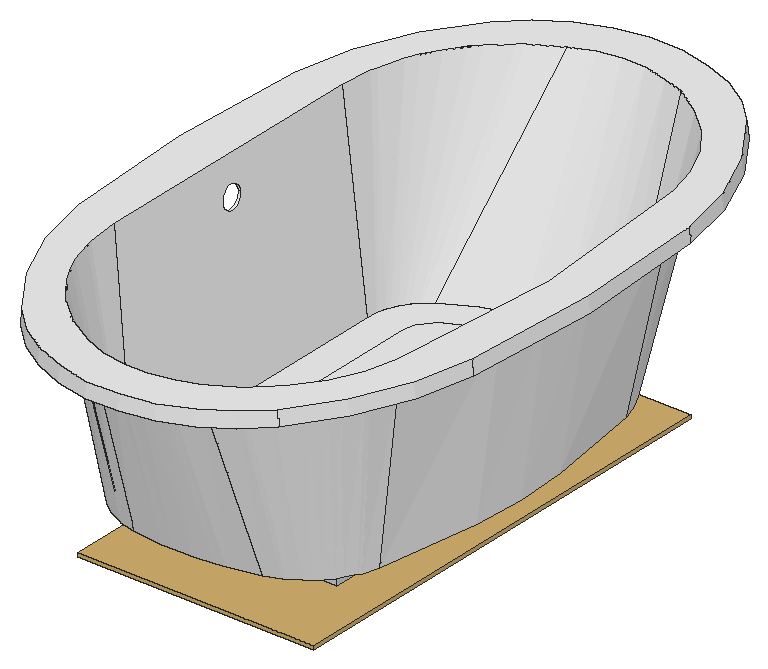
Revit family "Bathtub_Contemporary_Pacifica_ABA904R_TOTO", category Plumbing Fixtures, host Face, Revit 2013
Parameters
  ecoScorecard_data = "http://toto.ecoscorecard.com/product/ABA904R"
  ecoScorecard Product Page = "http://toto.ecoscorecard.com/product/ABA904R?action=html"
  Width = 42"
  Waste Connection Radius = Waste Connection NPT / 2  # 1"
  Waste Connection NPT = 2"
  Warranty URL = "http://www.totousa.com/warranty-registration"
  Warranty = "1 Year Limited Warranty on acrylic tub; 1 Year Limited Warranty on components and parts"  # constant formula
  Voltage = 120 V
  URL = "http://www.totousa.com"
  Toto BIM Number = "BM-00159"  # constant formula
  Subcategory = "Bathtubs"  # constant formula
  Style = "Contemporary"  # constant formula
  Spec Sheet URL = "http://www.totousa.com/Portals/0/ProductDownloads/SS-00193_ABA904.pdf"
  Shipping Weight = 150.00 lbf
  Series = "Pacifica"  # constant formula
  Product Page URL = " "
  Phase = 1
  Parts Manual URL = " "
  Owners Manual URL = "  "
  Number of Poles = 1
  Model = "ABA904R"  # constant formula
  Manufacturer Toll Free Phone = "1-888-295-8134"  # constant formula
  Manufacturer Phone = "(770) 282-8686"  # constant formula
  Manufacturer Fax = "(770) 282-0002"  # constant formula
  Manufacturer Email = "mailto:custservice@totousa.com "
  Manufacturer Address = "1155 Southern Road, Morrow, Georgia 30260"  # constant formula
  Manufacturer = "TOTO USA, Inc."  # constant formula
  Installation URL = " "
  Industry Standards = "1800 VA"
  Height = 2 7/8"
  Full Load Amps = 15 A
  Frequency = 60 Hz
  Finish = Metal - TOTO - Chrome - Polished
  Description = "Air Bathtub"  # constant formula
  Depth = 72"
  Default Elevation = 48"
  Cost Info = "mailto:custservice@totousa.com "
  Color Availability = "#01  Cotton, #12  Sedona Beige"  # constant formula
  CAD Drawing URL = "http://www.totousa.com/Portals/0/ProductDownloads/AD-00138_ABA904R.dxf"
  Bottom Plate = Metal - TOTO - LifeKoat - Brass - Polished
  Blower Motor Power = 746 W
  Assembly Code = "D2010510"
  Apparent Power = 0 VA
  95 CSI = "15410"
  04 CSI = "22 41 19"
Types (2): name | ecoScorecard_data | ecoScorecard Product Page
  (no name) | "http://toto.ecoscorecard.com/product/ABA904R" | "http://toto.ecoscorecard.com/product/ABA904R?action=html"
  ABA904R | " " | "  "
Reference planes (in)
  plane 1 "Center (Front/Back)": y = 0
  plane 2: z = 0
  plane 3 "Center (Left/Right)": x = 0
Dimensions and locks (in)
  aligned and locked: plane 2 to host face
  aligned and locked: level to host face
  aligned and locked: plane 3 "Center (Left/Right)" to nested 1
Nested families (in)
  nested 1: "ABA904R" at (0, 3.97799, 0), type "ABA904R"
Connectors (in)
  piping at (-11.12598, 3.97799, 3.87795), driven by "Waste Connection Radius"
    settings: on nested 1, index 1, connector radius 1", flow factor 0, pipe flow 0 GPM, pressure drop 0.00 psi, fitting loss kfactor 0, connector angle 0.00°, fixture units 0, engagement length 0", flow configuration 3, flow direction 2, fitting loss method 0, system type 16, joint type 0, gender type 0, connector reference index -1, connector utility 0, adjustable connector no, is connector primary yes, fitting loss table "", connector description "Waste Outlet Connection"
  electrical at (0, 3.97799, 0.37402), driven by "Voltage", driven by "Apparent Power"
    settings: on nested 1, index 2, voltage 120 V, apparent load 0 VA, apparent load phase1 0 VA, apparent load phase2 0 VA, apparent load phase3 0 VA, power factor 1, load classification "Other", number of poles 1, system type 30, power factor state 1, is connector primary yes, connector utility no, sub classification motor no, connector description "Power Connection"
Definition of nested family "ABA904R"
  Parameters (values of type "ABA904R")
    ecoScorecard_data = ""
    ecoScorecard Product Page = ""
    Waste Connection Radius = Waste Connection NPT / 2  # 1"
    Waste Connection NPT = 2"
    Waste Connection = yes
    WFU = 0
    Voltage = 120 V
    Vent Connection = yes
    URL = "http://www.totousa.com"
    Toto Version = "V.01"  # constant formula
    Toto BIM Number = "BM-00159"  # constant formula
    Subcategory = "Baths"  # constant formula
    Shipping Weight = 150.00 lbf
    Series = "Pacifica"  # constant formula
    Product URL = "http://www.totousa.com/ProductDetail/tabid/75/Default.aspx?ProductId=737a46bb-25cd-4255-817a-3daa4c9226e6&SearchId=0f5ff97b-e3c5-4b7a-b9a4-97cfa500d1ac"
    Phase = 1
    Number of Poles = 1
    Nominal Width = 42"  # constant formula
    Nominal Length = 72"  # constant formula
    Nominal Height = 24.87402"  # constant formula
    Model = "ABA904R"  # constant formula
    Manufacturer = "TOTO USA, Inc."  # constant formula
    HWFU = 0
    HW Connection = no
    Full Load Amps = 15 A
    Frequency = 60 Hz
    Finish = Metal - TOTO - Chrome - Polished
    Description = "Air Bathtub"
    Default Elevation = 0"
    CWFU = 0
    CW Connection = no
    CADworks URL = "http://www.CADworks.net"
    Bottom Plate = Metal - TOTO - LifeKoat - Brass - Polished
    Blower Motor Power = 745.7 VA
    Assembly Code = "D2010510"
    Apparent Power = Voltage * Full Load Amps  # 1800 VA
  Reference planes (in)
    plane 1 "Center (Front/Back)": y = 0
    plane 2: z = 0
    plane 3 "Center (Left/Right)": x = 0
    plane 4: x = -21
    plane 5: x = 21
    plane 6: y = 36
    plane 7 "Wall Closure": y = -36
    plane 8: z = 24.87402
    plane 9: z = 23.37402
    plane 10: z = 3.42913
    plane 11: z = 21.12205
    plane 12: z = 3.87795
    plane 13: x = -11.12598
    plane 14: z = 4.15354
  Forms (in)
    Extrusion 1, solid
      sketch origin (0, 0, 0) x (1, 0, 0) y (0, 1, 0)
        loop
          line (-48, 48) -> (-48, -48) -> (48, -48) -> (48, 48) -> (-48, 48)
      from 0 to -12
    Extrusion 2, solid, material "Metal - TOTO - LifeKoat - Brass - Polished" <- "Bottom Plate", detail levels medium+fine
      sketch origin (0, 0, 0) x (1, 0, 0) y (0, 1, 0)
        loop
          line (-12, 24) -> (-12, -24) -> (12, -24) -> (12, 24) -> (-12, 24)
      from 0 to 0.37402
    Extrusion 3, solid, detail levels medium+fine
      sketch origin (0, 0, 0.37402) x (1, 0, 0) y (0, 1, 0)
        loop
          line (-3.87402, 11.75197) -> (-3.87402, 15.25197) -> (-7.37402, 15.25197) -> (-7.37402, 11.75197) -> (-3.87402, 11.75197)
        loop
          line (3.87402, 11.75197) -> (7.37402, 11.75197) -> (7.37402, 15.25197) -> (3.87402, 15.25197) -> (3.87402, 11.75197)
        loop
          line (-3.87402, -11.75197) -> (-7.37402, -11.75197) -> (-7.37402, -15.25197) -> (-3.87402, -15.25197) -> (-3.87402, -11.75197)
        loop
          line (3.87402, -11.75197) -> (3.87402, -15.25197) -> (7.37402, -15.25197) -> (7.37402, -11.75197) -> (3.87402, -11.75197)
      from 0 to 3.05512
    Blend 4, solid, material "Metal - TOTO - Chrome - Polished" <- "Finish", detail levels medium+fine
      base sketch origin (-49.69148, -180, 3.42913) x (-1, 0, 0) y (0, -1, 0)
        loop
          arc (-44.50644, -199.65354) -> (-41.72255, -198.50042) -> (-40.56943, -195.71654) r 3.93701
          line (-40.56943, -195.71654) -> (-40.56943, -182.09842)
          arc (-40.56943, -182.09842) -> (-40.60998, -181.849) -> (-40.72744, -181.62527) r 0.7874
          arc (-40.72744, -181.62527) -> (-41.27022, -180) -> (-40.72744, -178.37473) r 2.70472
          arc (-40.72744, -178.37473) -> (-40.60998, -178.151) -> (-40.56943, -177.90158) r 0.7874
          line (-40.56943, -177.90158) -> (-40.56943, -164.28346)
          arc (-40.56943, -164.28346) -> (-41.72255, -161.49958) -> (-44.50644, -160.34646) r 3.93701
          line (-44.50644, -160.34646) -> (-52.90801, -160.34646)
          arc (-52.90801, -160.34646) -> (-57.08384, -162.07614) -> (-58.81353, -166.25197) r 5.90551
          line (-58.81353, -166.25197) -> (-58.81353, -193.74803)
          arc (-58.81353, -193.74803) -> (-57.08384, -197.92386) -> (-52.90801, -199.65354) r 5.90551
          line (-52.90801, -199.65354) -> (-44.50644, -199.65354)
      top sketch origin (-49.69148, -180, 3.42913) x (-1, 0, 0) y (0, -1, 0)
        loop
          arc (-44.50644, -200.6378) -> (-41.02658, -199.19639) -> (-39.58518, -195.71654) r 4.92126
          line (-39.58518, -195.71654) -> (-39.58518, -183.09722)
          arc (-39.58518, -183.09722) -> (-39.70485, -182.62685) -> (-40.03476, -182.27086) r 0.98425
          arc (-40.03476, -182.27086) -> (-41.27022, -180) -> (-40.03476, -177.72914) r 2.70472
          arc (-40.03476, -177.72914) -> (-39.70485, -177.37315) -> (-39.58518, -176.90278) r 0.98425
          line (-39.58518, -176.90278) -> (-39.58518, -164.28346)
          arc (-39.58518, -164.28346) -> (-41.02658, -160.80361) -> (-44.50644, -159.3622) r 4.92126
          line (-44.50644, -159.3622) -> (-52.90801, -159.3622)
          arc (-52.90801, -159.3622) -> (-57.77981, -161.38017) -> (-59.79778, -166.25197) r 6.88976
          line (-59.79778, -166.25197) -> (-59.79778, -193.74803)
          arc (-59.79778, -193.74803) -> (-57.77981, -198.61983) -> (-52.90801, -200.6378) r 6.88976
          line (-52.90801, -200.6378) -> (-44.50644, -200.6378)
      from 0 to 0.44882
    Blend 5, solid, material "Metal - TOTO - Chrome - Polished" <- "Finish", detail levels medium+fine
      base sketch origin (-49.69148, -180, 3.87795) x (-1, 0, 0) y (0, -1, 0)
        loop
          line (-35.69148, -195.00235) -> (-35.69148, -164.99765)
          arc (-35.69148, -164.99765) -> (-37.70243, -159.56399) -> (-42.76626, -156.74864) r 8.34646
          arc (-42.76626, -156.74864) -> (-49.07688, -156.455) -> (-55.30705, -157.50149) r 29.72705
          arc (-55.30705, -157.50149) -> (-59.47991, -159.99244) -> (-61.81855, -164.25253) r 9.26772
          arc (-61.81855, -164.25253) -> (-63.69148, -180) -> (-61.81855, -195.74747) r 67.1383
          arc (-61.81855, -195.74747) -> (-59.47991, -200.00756) -> (-55.30705, -202.49851) r 9.26772
          arc (-55.30705, -202.49851) -> (-49.07688, -203.545) -> (-42.76626, -203.25136) r 29.72705
          arc (-42.76626, -203.25136) -> (-37.70243, -200.43601) -> (-35.69148, -195.00235) r 8.34646
      top sketch origin (-49.69148, -180, 3.87795) x (-1, 0, 0) y (0, -1, 0)
        loop
          line (-33.63242, -194.5) -> (-33.63242, -165.5)
          arc (-33.63242, -165.5) -> (-36.46812, -156.06795) -> (-44.03496, -149.76337) r 17.10421
          arc (-44.03496, -149.76337) -> (-49.66786, -148.61389) -> (-55.30076, -149.76337) r 14.37645
          arc (-55.30076, -149.76337) -> (-61.92864, -154.86372) -> (-65.24962, -162.53924) r 16.68752
          arc (-65.24962, -162.53924) -> (-66.60617, -180) -> (-65.24962, -197.46076) r 113.05139
          arc (-65.24962, -197.46076) -> (-61.92864, -205.13628) -> (-55.30076, -210.23663) r 16.68752
          arc (-55.30076, -210.23663) -> (-49.66786, -211.38611) -> (-44.03496, -210.23663) r 14.37645
          arc (-44.03496, -210.23663) -> (-36.46812, -203.93205) -> (-33.63242, -194.5) r 17.10421
      from 0 to 19.49606
    Blend 6, solid, material "Metal - TOTO - Chrome - Polished" <- "Finish", detail levels medium+fine
      base sketch origin (-49.69148, -180, 23.37402) x (-1, 0, 0) y (0, -1, 0)
        loop
          arc (-36.54187, -209.94094) -> (-31.82174, -202.4056) -> (-29.49857, -193.82283) r 30.22428
          arc (-29.49857, -193.82283) -> (-28.69098, -180) -> (-29.49857, -166.17717) r 118.70154
          arc (-29.49857, -166.17717) -> (-31.82174, -157.5944) -> (-36.54187, -150.05906) r 30.22428
          arc (-36.54187, -150.05906) -> (-49.69148, -144) -> (-62.84109, -150.05906) r 17.29843
          arc (-62.84109, -150.05906) -> (-67.56121, -157.5944) -> (-69.88439, -166.17717) r 30.22428
          arc (-69.88439, -166.17717) -> (-70.69198, -180) -> (-69.88439, -193.82283) r 118.70154
          arc (-69.88439, -193.82283) -> (-67.56121, -202.4056) -> (-62.84109, -209.94094) r 30.22428
          arc (-62.84109, -209.94094) -> (-49.69148, -216) -> (-36.54187, -209.94094) r 17.29843
      top sketch origin (-49.69148, -180, 23.37402) x (-1, 0, 0) y (0, -1, 0)
        loop
          arc (-29.63151, -193.80725) -> (-28.82484, -180) -> (-29.63151, -166.19275) r 118.56768
          arc (-29.63151, -166.19275) -> (-31.9444, -157.648) -> (-36.64363, -150.14603) r 30.09042
          arc (-36.64363, -150.14603) -> (-49.69148, -144.13386) -> (-62.73933, -150.14603) r 17.16457
          arc (-62.73933, -150.14603) -> (-67.43856, -157.648) -> (-69.75144, -166.19275) r 30.09042
          arc (-69.75144, -166.19275) -> (-70.55812, -180) -> (-69.75144, -193.80725) r 118.56768
          arc (-69.75144, -193.80725) -> (-67.43856, -202.352) -> (-62.73933, -209.85397) r 30.09042
          arc (-62.73933, -209.85397) -> (-49.69148, -215.86614) -> (-36.64363, -209.85397) r 17.16457
          arc (-36.64363, -209.85397) -> (-31.9444, -202.352) -> (-29.63151, -193.80725) r 30.09042
      from 0 to 1.5
    Blend 7, void
      base sketch origin (-49.69148, -180, 4.15354) x (0, -1, 0) y (1, 0, 0)
        loop
          line (-195.00913, 35.93557) -> (-164.99087, 35.93557)
          arc (-164.99087, 35.93557) -> (-162.0469, 36.66584) -> (-159.78553, 38.68732) r 6.29921
          arc (-159.78553, 38.68732) -> (-156.68766, 47.18788) -> (-158.02172, 56.13643) r 18.37603
          arc (-158.02172, 56.13643) -> (-160.64502, 59.70845) -> (-164.60844, 61.69145) r 9.44882
          arc (-164.60844, 61.69145) -> (-180, 63.44738) -> (-195.39156, 61.69145) r 68.33488
          arc (-195.39156, 61.69145) -> (-199.35498, 59.70845) -> (-201.97828, 56.13643) r 9.44882
          arc (-201.97828, 56.13643) -> (-203.31234, 47.18788) -> (-200.21447, 38.68732) r 18.37603
          arc (-200.21447, 38.68732) -> (-197.9531, 36.66584) -> (-195.00913, 35.93557) r 6.29921
      top sketch origin (-49.69148, -180, 4.15354) x (0, -1, 0) y (1, 0, 0)
        loop
          arc (-210.53524, 55.44289) -> (-211.83954, 49.66786) -> (-210.53524, 43.89283) r 13.43713
          arc (-210.53524, 43.89283) -> (-203.98256, 36.50984) -> (-194.5, 33.76628) r 17.75906
          line (-194.5, 33.76628) -> (-165.5, 33.76628)
          arc (-165.5, 33.76628) -> (-156.01744, 36.50984) -> (-149.46476, 43.89283) r 17.75906
          arc (-149.46476, 43.89283) -> (-148.16046, 49.66786) -> (-149.46476, 55.44289) r 13.43713
          arc (-149.46476, 55.44289) -> (-154.78938, 61.93656) -> (-162.52766, 65.19822) r 17.48203
          arc (-162.52766, 65.19822) -> (-180, 66.56692) -> (-197.47234, 65.19822) r 112.20759
          arc (-197.47234, 65.19822) -> (-205.21062, 61.93656) -> (-210.53524, 55.44289) r 17.48203
      from 0 to 20.72047
    Extrusion 8, void
      sketch origin (-49.69148, -180, 4.15354) x (0, -1, 0) y (-1, 0, 0)
        loop
          circle (-180, -38.56549) r 1
      from 0 to 0.27559
    Extrusion 9, solid, material "Metal - TOTO - Chrome - Polished" <- "Finish", detail levels medium+fine
      sketch origin (-49.69148, -180, 4.15354) x (-1, 0, 0) y (0, -1, 0)
        loop
          arc (-39.97126, -182.31071) -> (-41.27022, -180) -> (-39.97126, -177.68929) r 2.70472
          arc (-39.97126, -177.68929) -> (-39.62484, -177.33074) -> (-39.49857, -176.84843) r 0.98425
          line (-39.49857, -176.84843) -> (-39.49857, -165.0429)
          arc (-39.49857, -165.0429) -> (-39.96362, -163.27508) -> (-41.23839, -161.96496) r 3.59252
          arc (-41.23839, -161.96496) -> (-48.13606, -159.82602) -> (-55.23902, -161.1302) r 15.12012
          arc (-55.23902, -161.1302) -> (-57.29176, -162.696) -> (-58.44107, -165.00783) r 5.68898
          arc (-58.44107, -165.00783) -> (-60.19148, -180) -> (-58.44107, -194.99217) r 65.07898
          arc (-58.44107, -194.99217) -> (-57.29176, -197.304) -> (-55.23902, -198.8698) r 5.68898
          arc (-55.23902, -198.8698) -> (-48.13606, -200.17398) -> (-41.23839, -198.03504) r 15.12012
          arc (-41.23839, -198.03504) -> (-39.96362, -196.72492) -> (-39.49857, -194.9571) r 3.59252
          line (-39.49857, -194.9571) -> (-39.49857, -183.15157)
          arc (-39.49857, -183.15157) -> (-39.62484, -182.66926) -> (-39.97126, -182.31071) r 0.98425
      from -0.05906 to 0.05906
    Extrusion 10, void
      sketch origin (0, 0, 0) x (0, 1, 0) y (0, 0, 1)
        loop
          circle (0, 21.12205) r 1.18898
      from -21 to -11.12598
    Extrusion 11, solid, material "Metal - TOTO - Chrome - Polished" <- "Finish", detail levels coarse
      sketch origin (-49.69148, -180, 24.87402) x (-1, 0, 0) y (0, -1, 0)
        loop
          line (-28.69148, -216) -> (-28.69148, -144) -> (-70.69148, -144) -> (-70.69148, -216) -> (-28.69148, -216)
      from -24.87402 to 0
  Cuts and joins
    Blend 7, Extrusion 8, Extrusion 10 cuts Blend 5
    Blend 7, Extrusion 8, Extrusion 10 cuts Blend 6
    Extrusion 10 cuts Extrusion 9
    joined: Blend 5, Blend 6, Extrusion 9
    Extrusion 8 cuts Blend 4
  Lines and regions (in)
    symbolic lines, detail levels medium+fine
      curve 1: circle (-11.12598, 0, 24.87402) r 1 normal (0, 0, 1)
      curve 2: arc (-5.79865, 30.53524, 24.87402) -> (-0.02362, 31.83954, 24.87402) -> (5.75141, 30.53524, 24.87402) r 13.43713
      curve 3: arc (5.75141, 30.53524, 24.87402) -> (12.24509, 25.21062, 24.87402) -> (15.50674, 17.47234, 24.87402) r 17.48203
      curve 4: arc (15.50674, 17.47234, 24.87402) -> (16.87544, 0, 24.87402) -> (15.50674, -17.47234, 24.87402) r 112.20759
      curve 5: arc (15.50674, -17.47234, 24.87402) -> (12.24509, -25.21062, 24.87402) -> (5.75141, -30.53524, 24.87402) r 17.48203
      curve 6: arc (5.75141, -30.53524, 24.87402) -> (-0.02362, -31.83954, 24.87402) -> (-5.79865, -30.53524, 24.87402) r 13.43713
      curve 7: arc (-5.79865, -30.53524, 24.87402) -> (-13.18164, -23.98256, 24.87402) -> (-15.9252, -14.5, 24.87402) r 17.75906
      curve 8: line (-15.9252, -14.5, 24.87402) -> (-15.9252, 14.5, 24.87402)
      curve 9: arc (-15.9252, 14.5, 24.87402) -> (-13.18164, 23.98256, 24.87402) -> (-5.79865, 30.53524, 24.87402) r 17.75906
      curve 10: arc (5.54754, 18.8698, 24.87402) -> (-1.55541, 20.17398, 24.87402) -> (-8.45309, 18.03504, 24.87402) r 15.12012
      curve 11: arc (-8.45309, 18.03504, 24.87402) -> (-9.72786, 16.72492, 24.87402) -> (-10.19291, 14.9571, 24.87402) r 3.59252
      curve 12: line (-10.19291, 14.9571, 24.87402) -> (-10.19291, 3.15157, 24.87402)
      curve 13: arc (-10.19291, 3.15157, 24.87402) -> (-10.06664, 2.66926, 24.87402) -> (-9.72022, 2.31071, 24.87402) r 0.98425
      curve 14: arc (-9.72022, 2.31071, 24.87402) -> (-8.42126, 0, 24.87402) -> (-9.72022, -2.31071, 24.87402) r 2.70472
      curve 15: arc (-9.72022, -2.31071, 24.87402) -> (-10.06664, -2.66926, 24.87402) -> (-10.19291, -3.15157, 24.87402) r 0.98425
      curve 16: line (-10.19291, -3.15157, 24.87402) -> (-10.19291, -14.9571, 24.87402)
      curve 17: arc (-10.19291, -14.9571, 24.87402) -> (-9.72786, -16.72492, 24.87402) -> (-8.45309, -18.03504, 24.87402) r 3.59252
      curve 18: arc (-8.45309, -18.03504, 24.87402) -> (-1.55541, -20.17398, 24.87402) -> (5.54754, -18.8698, 24.87402) r 15.12012
      curve 19: arc (5.54754, -18.8698, 24.87402) -> (7.60029, -17.304, 24.87402) -> (8.74959, -14.99217, 24.87402) r 5.68898
      curve 20: arc (8.74959, -14.99217, 24.87402) -> (10.5, 0, 24.87402) -> (8.74959, 14.99217, 24.87402) r 65.07898
      curve 21: arc (8.74959, 14.99217, 24.87402) -> (7.60029, 17.304, 24.87402) -> (5.54754, 18.8698, 24.87402) r 5.68898
      curve 22: arc (6.44495, 21.97828, 24.87402) -> (-2.5036, 23.31234, 24.87402) -> (-11.00416, 20.21447, 24.87402) r 18.37603
      curve 23: arc (-11.00416, 20.21447, 24.87402) -> (-13.02564, 17.9531, 24.87402) -> (-13.75591, 15.00913, 24.87402) r 6.29921
      curve 24: line (-13.75591, 15.00913, 24.87402) -> (-13.75591, -15.00913, 24.87402)
      curve 25: arc (-13.75591, -15.00913, 24.87402) -> (-13.02564, -17.9531, 24.87402) -> (-11.00416, -20.21447, 24.87402) r 6.29921
      curve 26: arc (-11.00416, -20.21447, 24.87402) -> (-2.5036, -23.31234, 24.87402) -> (6.44495, -21.97828, 24.87402) r 18.37603
      curve 27: arc (6.44495, -21.97828, 24.87402) -> (10.01697, -19.35498, 24.87402) -> (11.99997, -15.39156, 24.87402) r 9.44882
      curve 28: arc (11.99997, -15.39156, 24.87402) -> (13.75591, 0, 24.87402) -> (11.99997, 15.39156, 24.87402) r 68.33488
      curve 29: arc (11.99997, 15.39156, 24.87402) -> (10.01697, 19.35498, 24.87402) -> (6.44495, 21.97828, 24.87402) r 9.44882
      curve 30: arc (-13.04785, 29.85397, 24.87402) -> (-17.74708, 22.352, 24.87402) -> (-20.05997, 13.80725, 24.87402) r 30.09042
      curve 31: arc (-20.05997, 13.80725, 24.87402) -> (-20.86664, 0, 24.87402) -> (-20.05997, -13.80725, 24.87402) r 118.56768
      curve 32: arc (-20.05997, -13.80725, 24.87402) -> (-17.74708, -22.352, 24.87402) -> (-13.04785, -29.85397, 24.87402) r 30.09042
      curve 33: arc (-13.04785, -29.85397, 24.87402) -> (0, -35.86614, 24.87402) -> (13.04785, -29.85397, 24.87402) r 17.16457
      curve 34: arc (13.04785, -29.85397, 24.87402) -> (17.74708, -22.352, 24.87402) -> (20.05997, -13.80725, 24.87402) r 30.09042
      curve 35: arc (20.05997, -13.80725, 24.87402) -> (20.86664, 0, 24.87402) -> (20.05997, 13.80725, 24.87402) r 118.56768
      curve 36: arc (20.05997, 13.80725, 24.87402) -> (17.74708, 22.352, 24.87402) -> (13.04785, 29.85397, 24.87402) r 30.09042
      curve 37: arc (13.04785, 29.85397, 24.87402) -> (0, 35.86614, 24.87402) -> (-13.04785, 29.85397, 24.87402) r 17.16457
      curve 39: line (-21.0005, 0, 23.37402) -> (21.0005, 0, 23.37402)
      curve 40: line (-14, 0, 3.87795) -> (14, 0, 3.87795)
      curve 41: line (-9.12205, 0, 3.42913) -> (9.12205, 0, 3.42913)
      curve 42: line (12, 0, 0.37402) -> (-12, 0, 0.37402)
      curve 43: line (-12, 0, 0.37402) -> (-12, 0, 0)
      curve 45: line (12, 0, 0) -> (12, 0, 0.37402)
      curve 46: line (-7.37402, 0, 3.42913) -> (-7.37402, 0, 0.37402)
      curve 47: line (-3.87402, 0, 0.37402) -> (-3.87402, 0, 3.42913)
      curve 48: line (3.87402, 0, 3.42913) -> (3.87402, 0, 0.37402)
      curve 49: line (7.37402, 0, 0.37402) -> (7.37402, 0, 3.42913)
      curve 50: line (-21.0005, 0, 23.37402) -> (-20.86664, 0, 24.87402)
      curve 51: line (21.0005, 0, 23.37402) -> (20.86664, 0, 24.87402)
      curve 52: line (16.91229, 0, 23.37402) -> (14, 0, 3.87795)
      curve 53: line (-14, 0, 3.87795) -> (-16.05906, 0, 23.37402)
      curve 54: line (-9.12205, 0, 3.42913) -> (-10.1063, 0, 3.87795)
      curve 55: line (9.12205, 0, 3.42913) -> (10.1063, 0, 3.87795)
      curve 58: line (0, -23.59843, 3.87795) -> (0, 23.59843, 3.87795)
      curve 59: line (0, -24, 0.37402) -> (0, 24, 0.37402)
      curve 60: line (0, 24, 0.37402) -> (0, 24, 0)
      curve 62: line (0, -24, 0) -> (0, -24, 0.37402)
      curve 63: line (0, 15.25197, 0.37402) -> (0, 15.25197, 3.42913)
      curve 64: line (0, 11.75197, 3.42913) -> (0, 11.75197, 0.37402)
      curve 65: line (0, -11.75197, 0.37402) -> (0, -11.75197, 3.42913)
      curve 66: line (0, -15.25197, 3.42913) -> (0, -15.25197, 0.37402)
      curve 69: line (0, 31.34843, 23.37402) -> (0, 23.59843, 3.87795)
      curve 70: line (0, -23.59843, 3.87795) -> (0, -31.47535, 23.37402)
      curve 71: line (0, -19.65354, 3.42913) -> (0, -20.6378, 3.87795)
      curve 72: line (0, 19.65354, 3.42913) -> (0, 20.61604, 3.87795)
      curve 73: spline (0, -1.18806, 21.12205) -> (0, -1.14904, 20.81494) -> (0, -1.03115, 20.52846) -> (0, -0.84248, 20.28226) -> (0, -0.59599, 20.09324) -> (0, -0.30858, 19.97437) -> (0, 0, 19.93383) -> (0, 0.30858, 19.97437) -> (0, 0.59599, 20.09324) -> (0, 0.84248, 20.28226) -> (0, 1.03115, 20.52846) -> (0, 1.14904, 20.81494) -> (0, 1.18806, 21.12205)
      curve 74: spline (0, 1.18806, 21.12205) -> (0, 1.14904, 21.42915) -> (0, 1.03115, 21.71563) -> (0, 0.84248, 21.96184) -> (0, 0.59599, 22.15086) -> (0, 0.30858, 22.26972) -> (0, 0, 22.31027) -> (0, -0.30858, 22.26972) -> (0, -0.59599, 22.15086) -> (0, -0.84248, 21.96184) -> (0, -1.03115, 21.71563) -> (0, -1.14904, 21.42915) -> (0, -1.18806, 21.12205)
      curve 75: line (0, -19.65354, 3.42913) -> (0, 19.65354, 3.42913)
    symbolic lines
      curve 38: line (20.86664, 0, 24.87402) -> (-20.86664, 0, 24.87402)
      curve 44: line (-12, 0, 0) -> (12, 0, 0)
      curve 56: line (0, -36, 23.37402) -> (0, 36, 23.37402)
      curve 57: line (0, 35.86614, 24.87402) -> (0, -35.86614, 24.87402)
      curve 61: line (0, 24, 0) -> (0, -24, 0)
      curve 67: line (0, -36, 23.37402) -> (0, -35.86614, 24.87402)
      curve 68: line (0, 36, 23.37402) -> (0, 35.86614, 24.87402)
    symbolic lines, detail levels coarse
      curve 76: line (-21, 0, 24.87402) -> (-21, 0, 0)
      curve 77: line (-20.86664, 0, 24.87402) -> (-21, 0, 24.87402)
      curve 78: line (-12, 0, 0) -> (-21, 0, 0)
      curve 79: line (12, 0, 0) -> (21, 0, 0)
      curve 80: line (21, 0, 0) -> (21, 0, 24.87402)
      curve 81: line (21, 0, 24.87402) -> (20.86664, 0, 24.87402)
      curve 82: line (0, 35.86614, 24.87402) -> (0, 36, 24.87402)
      curve 83: line (0, 36, 24.87402) -> (0, 36, 0)
      curve 84: line (0, 36, 0) -> (0, 24, 0)
      curve 85: line (0, -24, 0) -> (0, -36, 0)
      curve 86: line (0, -36, 0) -> (0, -36, 24.87402)
      curve 87: line (0, -36, 24.87402) -> (0, -35.86614, 24.87402)
      curve 88: line (-21, 36, 24.87402) -> (21, 36, 24.87402)
      curve 89: line (-21, -36, 24.87402) -> (-21, 36, 24.87402)
      curve 90: line (21, -36, 24.87402) -> (-21, -36, 24.87402)
      curve 91: line (21, 36, 24.87402) -> (21, -36, 24.87402)
  Dimensions and locks (in)
    "Nominal Width": plane 4 to plane 5
    equal spacing: plane 4, plane 3 "Center (Left/Right)", plane 5
    "Nominal Length": plane 7 "Wall Closure" to plane 6
    equal spacing: plane 7 "Wall Closure", plane 1 "Center (Front/Back)", plane 6
    locked: Extrusion 2 sketch curve to Extrusion 2 sketch curve at 24
    equal spacing: Extrusion 2 sketch curve, plane 3 "Center (Left/Right)", Extrusion 2 sketch curve
    locked: Extrusion 2 sketch curve to Extrusion 2 sketch curve at 48
    equal spacing: Extrusion 2 sketch curve, plane 1 "Center (Front/Back)", Extrusion 2 sketch curve
    "Nominal Height": plane 8 to plane 2
    locked: plane 8 to plane 9 at 1.5
    locked: plane 8 to plane 11 at 3.75197
    locked: Extrusion 2 to plane 2 at 0.37402
    locked: Extrusion 3 sketch curve to Extrusion 3 sketch curve at 3.5  (x8)
    locked: plane 12 to plane 10 at 0.44882
    locked: plane 4 to plane 13 at 9.87402
    locked: plane 14 to plane 12 at 0.27559
    locked: plane 13 to Extrusion 8 sketch curve at 0
    locked: Extrusion 8 sketch curve to plane 1 "Center (Front/Back)" at 0
    Extrusion 9 to plane 14 to Extrusion 9 = 0.05906" locked, 0.05906" locked
    locked: Extrusion 10 sketch curve to plane 1 "Center (Front/Back)" at 0
    locked: Extrusion 10 sketch curve to plane 11 at 0
    Blend 6 sketch curve to Blend 6 sketch curve to plane 1 "Center (Front/Back)" to Blend 6 sketch curve to Blend 6 sketch curve = 16.11811" locked, 13.82283" locked, 13.82283" locked, 16.11811" locked  (x2)
    Blend 6 sketch curve to Blend 6 sketch curve to plane 3 "Center (Left/Right)" to Blend 6 sketch curve to Blend 6 sketch curve = 7.04331" locked, 13.14961" locked, 13.14961" locked, 7.04331" locked  (x2)
    Blend 6 sketch curve to Blend 6 sketch curve to plane 1 "Center (Front/Back)" to Blend 6 sketch curve to Blend 6 sketch curve = 16.04673" locked, 13.80725" locked, 13.80725" locked, 16.04673" locked  (x2)
    Blend 6 sketch curve to Blend 6 sketch curve to plane 3 "Center (Left/Right)" to Blend 6 sketch curve to Blend 6 sketch curve = 7.01211" locked, 13.04785" locked, 13.04785" locked, 7.01211" locked  (x2)
    Blend 7 sketch curve to Blend 7 sketch curve to plane 1 "Center (Front/Back)" to Blend 7 sketch curve to Blend 7 sketch curve = 5.20534" locked, 15.00913" locked, 15.00913" locked, 5.20534" locked
    Blend 7 sketch curve to Blend 7 sketch curve to plane 1 "Center (Front/Back)" to Blend 7 sketch curve to Blend 7 sketch curve = 6.58672" locked, 15.39156" locked, 15.39156" locked, 6.58672" locked
    Blend 7 sketch curve to Blend 7 sketch curve to plane 3 "Center (Left/Right)" to Blend 7 sketch curve to Blend 7 sketch curve = 2.75175" locked, 11.00416" locked, 6.44495" locked, 5.55501" locked
    Blend 7 sketch curve to plane 3 "Center (Left/Right)" to Blend 7 sketch curve to Blend 7 sketch curve = 11.00416" locked, 6.44495" locked, 5.55501" locked
    Blend 7 sketch curve to Blend 7 sketch curve to plane 1 "Center (Front/Back)" to Blend 7 sketch curve to Blend 7 sketch curve = 16.03524" locked, 14 1/2" locked, 14 1/2" locked, 16.03524" locked
    Blend 7 sketch curve to Blend 7 sketch curve to plane 1 "Center (Front/Back)" to Blend 7 sketch curve to Blend 7 sketch curve = 13.0629" locked, 17.47234" locked, 17.47234" locked, 13.0629" locked
    Blend 7 sketch curve to Blend 7 sketch curve to plane 3 "Center (Left/Right)" to Blend 7 sketch curve to Blend 7 sketch curve = 10.12654" locked, 5.79865" locked, 5.75141" locked, 9.75534" locked
    Blend 7 sketch curve to plane 3 "Center (Left/Right)" to Blend 7 sketch curve to Blend 7 sketch curve = 5.79865" locked, 5.75141" locked, 9.75534" locked
    Extrusion 9 sketch curve to Extrusion 9 sketch curve to Extrusion 9 sketch curve to Extrusion 9 sketch curve to plane 1 "Center (Front/Back)" to Extrusion 9 sketch curve to Extrusion 9 sketch curve to Extrusion 9 sketch curve to Extrusion 9 sketch curve = 3.07794" locked, 11.80553" locked, 0.84087" locked, 2.31071" locked, 2.31071" locked, 0.84087" locked, 11.80553" locked, 3.07794" locked
    Extrusion 9 sketch curve to Extrusion 9 sketch curve to plane 1 "Center (Front/Back)" to Extrusion 9 sketch curve to Extrusion 9 sketch curve = 3.87763" locked, 14 127/128" locked, 14 127/128" locked, 3.87763" locked
    Extrusion 9 sketch curve to Extrusion 9 sketch curve to plane 3 "Center (Left/Right)" to Extrusion 9 sketch curve to Extrusion 9 sketch curve = 1.73983" locked, 8.45309" locked, 5.54754" locked, 3.20205" locked  (x2)
    locked: Extrusion 9 sketch curve to Extrusion 9 sketch curve at 0.47269  (x2)
    Blend 4 sketch curve to Blend 4 sketch curve to Blend 4 sketch curve to Blend 4 sketch curve to plane 1 "Center (Front/Back)" to Blend 4 sketch curve to Blend 4 sketch curve to Blend 4 sketch curve to Blend 4 sketch curve = 3.93701" locked, 13.61811" locked, 0.47315" locked, 1.62527" locked, 1.62527" locked, 0.47315" locked, 13.61811" locked, 3.93701" locked
    Blend 4 sketch curve to plane 1 "Center (Front/Back)" to Blend 4 sketch curve = 13.74803" locked, 13.74803" locked  (x2)
    Blend 4 sketch curve to Blend 4 sketch curve to plane 3 "Center (Left/Right)" to Blend 4 sketch curve to Blend 4 sketch curve = 3.93701" locked, 5.18504" locked, 3.21654" locked, 5.90551" locked
    locked: Blend 4 sketch curve to Blend 4 sketch curve at 0.15801  (x2)
    Blend 4 sketch curve to plane 3 "Center (Left/Right)" to Blend 4 sketch curve = 5.18504" locked, 3.21654" locked
    Blend 4 sketch curve to Blend 4 sketch curve to Blend 4 sketch curve to Blend 4 sketch curve to plane 1 "Center (Front/Back)" to Blend 4 sketch curve to Blend 4 sketch curve to Blend 4 sketch curve to Blend 4 sketch curve = 4.92126" locked, 12.61931" locked, 0.82637" locked, 2.27086" locked, 2.27086" locked, 0.82637" locked, 12.61931" locked, 4.92126" locked
    Blend 4 sketch curve to Blend 4 sketch curve to plane 3 "Center (Left/Right)" to Blend 4 sketch curve to Blend 4 sketch curve = 4.92126" locked, 5.18504" locked, 3.21654" locked, 6.88976" locked
    locked: Blend 4 sketch curve to Blend 4 sketch curve at 0.44958  (x2)
    Blend 4 sketch curve to Blend 4 sketch curve to plane 3 "Center (Left/Right)" to Blend 4 sketch curve = 4.92126" locked, 5.18504" locked, 3.21654" locked
    locked: plane 1 "Center (Front/Back)" to cut or joined group of Blend 5, Blend 6, Blend 7, Extrusion 8, Extrusion 9, Extrusion 10 at 13.80725
    locked: cut or joined group of Blend 5, Blend 6, Blend 7, Extrusion 8, Extrusion 9, Extrusion 10 to plane 6 at 22.19275
    locked: plane 1 "Center (Front/Back)" to cut or joined group of Blend 5, Blend 6, Blend 7, Extrusion 8, Extrusion 9, Extrusion 10 at 14.5
    locked: cut or joined group of Blend 5, Blend 6, Blend 7, Extrusion 8, Extrusion 9, Extrusion 10 to plane 6 at 21.5
    locked: Extrusion 3 sketch curve to plane 3 "Center (Left/Right)" at 3.87402  (x2)
    locked: plane 3 "Center (Left/Right)" to Extrusion 3 sketch curve at 3.87402  (x2)
    locked: Extrusion 3 sketch curve to plane 1 "Center (Front/Back)" at 11.75197  (x2)
    locked: plane 1 "Center (Front/Back)" to Extrusion 3 sketch curve at 11.75197  (x2)
    locked: plane 9 to plane 12 at 19.49606
    Blend 5 sketch curve to plane 3 "Center (Left/Right)" to Blend 5 sketch curve = 14" locked, 14" locked
    Blend 5 sketch curve to plane 1 "Center (Front/Back)" to Blend 5 sketch curve = 23.25136" locked, 23.25136" locked
    "Waste Connection Radius": radius of Extrusion 8 sketch curve
    radius of Extrusion 10 sketch curve = 1.18898"
    radius of Blend 6 sketch curve = 17.29843"  (x2)
    radius of Blend 6 sketch curve = 30.22428"  (x4)
    radius of Blend 6 sketch curve = 118.70154"  (x2)
    radius of Blend 6 sketch curve = 17.16457"  (x2)
    radius of Blend 6 sketch curve = 30.09042"  (x4)
    radius of Blend 6 sketch curve = 118.56768"  (x2)
    radius of Blend 7 sketch curve = 6.29921"  (x2)
    radius of Blend 7 sketch curve = 18.37603"  (x2)
    radius of Blend 7 sketch curve = 9.44882"  (x2)
    radius of Blend 7 sketch curve = 68.33488"
    radius of Blend 7 sketch curve = 17.48203"  (x2)
    radius of Blend 7 sketch curve = 13.43713"  (x2)
    radius of Blend 7 sketch curve = 17.75906"  (x2)
    radius of Blend 7 sketch curve = 112.20759"
    radius of Extrusion 9 sketch curve = 15.12012"  (x2)
    radius of Extrusion 9 sketch curve = 3.59252"  (x2)
    radius of Extrusion 9 sketch curve = 5.68898"  (x2)
    radius of Extrusion 9 sketch curve = 65.07898"
    radius of Extrusion 9 sketch curve = 0.98425"  (x2)
    radius of Extrusion 9 sketch curve = 2.70472"
    radius of Blend 4 sketch curve = 3.93701"  (x2)
    radius of Blend 4 sketch curve = 5.90551"  (x2)
    radius of Blend 4 sketch curve = 0.7874"  (x2)
    radius of Blend 4 sketch curve = 2.70472"  (x2)
    radius of Blend 4 sketch curve = 4.92126"  (x2)
    radius of Blend 4 sketch curve = 6.88976"  (x2)
    radius of Blend 4 sketch curve = 0.98425"  (x2)
    aligned and locked: plane 2 to Extrusion 1
    aligned and locked: level to Extrusion 1
    aligned and locked: Extrusion 3 to Extrusion 2
    aligned and locked: plane 10 to Extrusion 3
    aligned and locked: Blend 4 to plane 10
    aligned and locked: plane 12 to Blend 4
    aligned and locked: Blend 5 to plane 12
    aligned and locked: plane 9 to Blend 5
    aligned and locked: Blend 6 to plane 9
    aligned and locked: plane 8 to Blend 6
    aligned and locked: plane 8 to Blend 7
    aligned: plane 14 to cut or joined group of Blend 5, Blend 6, Blend 7, Extrusion 8, Extrusion 9, Extrusion 10
    aligned: cut or joined group of Blend 5, Blend 6, Blend 7, Extrusion 8, Extrusion 9, Extrusion 10 to cut or joined group of Blend 5, Blend 6, Blend 7, Extrusion 8, Extrusion 9, Extrusion 10
    aligned: cut or joined group of Blend 5, Blend 6, Blend 7, Extrusion 8, Extrusion 9, Extrusion 10 to plane 4
    aligned: plane 13 to cut or joined group of Blend 5, Blend 6, Blend 7, Extrusion 8, Extrusion 9, Extrusion 10
    aligned and locked: Extrusion 2 to plane 2
    aligned: cut or joined group of Blend 5, Blend 6, Blend 7, Extrusion 8, Extrusion 9, Extrusion 10 to plane 14
    aligned and locked: Extrusion 9 sketch curve to cut or joined group of Blend 4, Extrusion 8
    aligned and locked: cut or joined group of Blend 5, Blend 6, Blend 7, Extrusion 8, Extrusion 9, Extrusion 10 to plane 12
    aligned and locked: curve 2 to cut or joined group of Blend 5, Blend 6, Blend 7, Extrusion 8, Extrusion 9, Extrusion 10
    aligned and locked: curve 3 to cut or joined group of Blend 5, Blend 6, Blend 7, Extrusion 8, Extrusion 9, Extrusion 10
    aligned and locked: curve 4 to cut or joined group of Blend 5, Blend 6, Blend 7, Extrusion 8, Extrusion 9, Extrusion 10
    aligned and locked: curve 5 to cut or joined group of Blend 5, Blend 6, Blend 7, Extrusion 8, Extrusion 9, Extrusion 10
    aligned and locked: curve 6 to cut or joined group of Blend 5, Blend 6, Blend 7, Extrusion 8, Extrusion 9, Extrusion 10
    aligned and locked: curve 7 to cut or joined group of Blend 5, Blend 6, Blend 7, Extrusion 8, Extrusion 9, Extrusion 10
    aligned and locked: curve 9 to cut or joined group of Blend 5, Blend 6, Blend 7, Extrusion 8, Extrusion 9, Extrusion 10
    aligned and locked: curve 10 to cut or joined group of Blend 5, Blend 6, Blend 7, Extrusion 8, Extrusion 9, Extrusion 10
    aligned and locked: curve 11 to cut or joined group of Blend 5, Blend 6, Blend 7, Extrusion 8, Extrusion 9, Extrusion 10
    aligned and locked: curve 13 to cut or joined group of Blend 5, Blend 6, Blend 7, Extrusion 8, Extrusion 9, Extrusion 10
    aligned and locked: curve 14 to cut or joined group of Blend 5, Blend 6, Blend 7, Extrusion 8, Extrusion 9, Extrusion 10
    aligned and locked: curve 15 to cut or joined group of Blend 5, Blend 6, Blend 7, Extrusion 8, Extrusion 9, Extrusion 10
    aligned and locked: curve 17 to cut or joined group of Blend 5, Blend 6, Blend 7, Extrusion 8, Extrusion 9, Extrusion 10
    aligned and locked: curve 18 to cut or joined group of Blend 5, Blend 6, Blend 7, Extrusion 8, Extrusion 9, Extrusion 10
    aligned and locked: curve 19 to cut or joined group of Blend 5, Blend 6, Blend 7, Extrusion 8, Extrusion 9, Extrusion 10
    aligned and locked: curve 20 to cut or joined group of Blend 5, Blend 6, Blend 7, Extrusion 8, Extrusion 9, Extrusion 10
    aligned and locked: curve 21 to cut or joined group of Blend 5, Blend 6, Blend 7, Extrusion 8, Extrusion 9, Extrusion 10
    aligned and locked: curve 22 to cut or joined group of Blend 5, Blend 6, Blend 7, Extrusion 8, Extrusion 9, Extrusion 10
    aligned and locked: curve 23 to cut or joined group of Blend 5, Blend 6, Blend 7, Extrusion 8, Extrusion 9, Extrusion 10
    aligned and locked: curve 25 to cut or joined group of Blend 5, Blend 6, Blend 7, Extrusion 8, Extrusion 9, Extrusion 10
    aligned and locked: curve 26 to cut or joined group of Blend 5, Blend 6, Blend 7, Extrusion 8, Extrusion 9, Extrusion 10
    aligned and locked: curve 27 to cut or joined group of Blend 5, Blend 6, Blend 7, Extrusion 8, Extrusion 9, Extrusion 10
    aligned and locked: curve 28 to cut or joined group of Blend 5, Blend 6, Blend 7, Extrusion 8, Extrusion 9, Extrusion 10
    aligned and locked: curve 29 to cut or joined group of Blend 5, Blend 6, Blend 7, Extrusion 8, Extrusion 9, Extrusion 10
    aligned and locked: cut or joined group of Blend 5, Blend 6, Blend 7, Extrusion 8, Extrusion 9, Extrusion 10 to plane 4
    aligned and locked: plane 13 to cut or joined group of Blend 5, Blend 6, Blend 7, Extrusion 8, Extrusion 9, Extrusion 10
    aligned and locked: cut or joined group of Blend 5, Blend 6, Blend 7, Extrusion 8, Extrusion 9, Extrusion 10 to plane 14
    aligned and locked: curve 1 to cut or joined group of Blend 5, Blend 6, Blend 7, Extrusion 8, Extrusion 9, Extrusion 10
  Automatic sketch dimensions
    Extrusion 1 sketch curve to Extrusion 1 sketch curve = 96"  (x2)
    plane 1 "Center (Front/Back)" to Blend 5 sketch curve = 0"
    Blend 5 sketch curve to Blend 5 sketch curve = 0"  (x11)
    plane 3 "Center (Left/Right)" to Blend 5 sketch curve = 5.61557"  (x2)
    plane 3 "Center (Left/Right)" to Blend 5 sketch curve = 3.11789"  (x2)
    Blend 5 sketch curve to plane 3 "Center (Left/Right)" = 2.39597"  (x2)
    plane 13 to Blend 5 sketch curve = 5.47244"  (x2)
    plane 13 to Blend 5 sketch curve = 4.20076"  (x2)
    Blend 5 sketch curve to plane 1 "Center (Front/Back)" = 0"
    plane 5 to Blend 5 sketch curve = 5.44186"  (x2)
    plane 3 "Center (Left/Right)" to Blend 5 sketch curve = 5.60928"
    plane 3 "Center (Left/Right)" to Blend 5 sketch curve = 1.04515"  (x2)
    Blend 5 sketch curve to plane 3 "Center (Left/Right)" = 0.02362"  (x2)
    Blend 5 sketch curve to plane 3 "Center (Left/Right)" = 0.92913"  (x2)
    plane 13 to Blend 5 sketch curve = 5.46946"  (x2)
    Blend 5 sketch curve to plane 13 = 4.93307"
    Blend 5 sketch curve to plane 1 "Center (Front/Back)" = 14 1/2"
    Extrusion 11 sketch curve to plane 5 = 0"
    Extrusion 11 sketch curve to plane 4 = 0"
    plane 6 to Extrusion 11 sketch curve = 0"
    Extrusion 11 sketch curve to plane 7 "Wall Closure" = 0"
    curve 39 to plane 9 = 0"
    curve 77 to plane 4 = 0"
    curve 77 to plane 8 = 0"
    curve 53 to plane 12 = 0"
    curve 44 to level = 0"
    curve 41 to plane 10 = 0"
    plane 5 to curve 81 = 0"
    curve 50 to plane 4 = 0.0005"
    plane 4 to curve 77 = 0.13336"
    curve 53 to plane 13 = 4.93307"
    curve 53 to plane 13 = 2.87402"
    curve 44 to plane 13 = 0.87402"
    plane 13 to curve 54 = 1.01969"
    curve 54 to curve 41 = 0.98425"
    curve 41 to curve 46 = 1.74803"
    curve 46 to curve 47 = 3 1/2"
    level to curve 48 = 0.37402"
    plane 3 "Center (Left/Right)" to curve 48 = 3.87402"
    curve 48 to curve 49 = 3 1/2"
    curve 49 to curve 41 = 1.74803"
    curve 41 to curve 55 = 0.98425"
    curve 55 to curve 45 = 1.8937"
    curve 55 to curve 40 = 3.8937"
    plane 5 to curve 52 = 4.08771"
    curve 51 to curve 80 = 0.13336"
    curve 39 to plane 5 = 0.0005"
    curve 87 to plane 7 "Wall Closure" = 0"
    curve 67 to plane 8 = 0"
    curve 70 to plane 9 = 0"
    curve 61 to level = 0"
    curve 70 to plane 12 = 0"
    curve 75 to plane 10 = 0"
    curve 73 to plane 11 = 0"
    curve 73 to plane 1 "Center (Front/Back)" = 0"
    curve 74 to plane 1 "Center (Front/Back)" = 0"
    curve 83 to plane 6 = 0"
    curve 87 to curve 67 = 0.13386"
    curve 56 to curve 70 = 4.52465"
    level to curve 59 = 0.37402"
    plane 7 "Wall Closure" to curve 59 = 12"
    curve 59 to curve 70 = 0.40157"
    curve 58 to curve 71 = 2.96063"
    curve 71 to curve 75 = 0.98425"
    curve 71 to curve 66 = 4.40157"
    curve 66 to curve 65 = 3 1/2"
    curve 73 to plane 11 = 0.00671"
    plane 1 "Center (Front/Back)" to curve 73 = 1.18808"
    plane 11 to curve 74 = 0.00671"
    curve 74 to curve 74 = 0"
    curve 64 to plane 1 "Center (Front/Back)" = 11.75197"
    curve 64 to curve 63 = 3 1/2"
    curve 63 to curve 75 = 4.40157"
    curve 72 to curve 72 = 0.9625"
    curve 72 to curve 58 = 2.98239"
    curve 58 to curve 61 = 0.40157"
    plane 6 to curve 69 = 4.65157"
    plane 6 to curve 57 = 0.13386"
    curve 73 to curve 73 = 0"
    plane 1 "Center (Front/Back)" to curve 31 = 0"
    curve 90 to plane 5 = 0"
    curve 33 to plane 3 "Center (Left/Right)" = 0"
    curve 37 to plane 3 "Center (Left/Right)" = 0"
    curve 90 to plane 4 = 0"
    curve 35 to plane 1 "Center (Front/Back)" = 0"
    plane 6 to curve 88 = 0"
    curve 90 to plane 7 "Wall Closure" = 0"
    curve 31 to plane 5 = 76.70104"
    plane 5 to curve 34 = 0.94003"
    curve 35 to curve 34 = 0"
    plane 5 to curve 36 = 0.94003"
    curve 35 to curve 36 = 0"
    plane 7 "Wall Closure" to curve 34 = 6.14603"
    curve 34 to curve 6 = 7.29644"
    curve 33 to curve 34 = 0"
    curve 37 to curve 2 = 7.29644"
    curve 36 to curve 37 = 0"
    curve 30 to curve 20 = 1.07614"
    curve 32 to curve 20 = 1.07614"
    plane 13 to curve 36 = 1.30025"
    plane 13 to curve 34 = 1.30025"
    curve 32 to plane 13 = 1 59/64"
    curve 37 to plane 13 = 1 59/64"
    curve 33 to curve 32 = 0"
    curve 30 to curve 37 = 0"
    plane 4 to curve 31 = 0.94003"
    curve 32 to curve 31 = 0"
  Connectors (in)
    electrical at (0, 0, 0.37402), driven by "Apparent Power", driven by "Voltage", driven by "Number of Poles"
      settings: on Extrusion 2, index 2, voltage 120 V, apparent load 1800 VA, apparent load phase1 0 VA, apparent load phase2 0 VA, apparent load phase3 0 VA, power factor 1, load classification "Other", number of poles 1, system type 30, power factor state 1, is connector primary yes, connector utility no, sub classification motor no, connector description "Power Connection"
    piping at (-11.12598, 0, 3.87795), driven by "WFU", driven by "Waste Connection", driven by "Waste Connection Radius"
      settings: on cut or joined group of Blend 5, Blend 6, Blend 7, Extrusion 8, Extrusion 9, Extrusion 10, index 3, connector radius 1", flow factor 0, pipe flow 0 GPM, pressure drop 0.00 psi, fitting loss kfactor 0, connector angle 0.00°, fixture units 0, engagement length 0", flow configuration 3, flow direction 2, fitting loss method 0, system type 16, joint type 0, gender type 0, connector reference index -1, connector utility 0, adjustable connector yes, is connector primary yes, fitting loss table "", connector description "Waste Outlet Connection"
